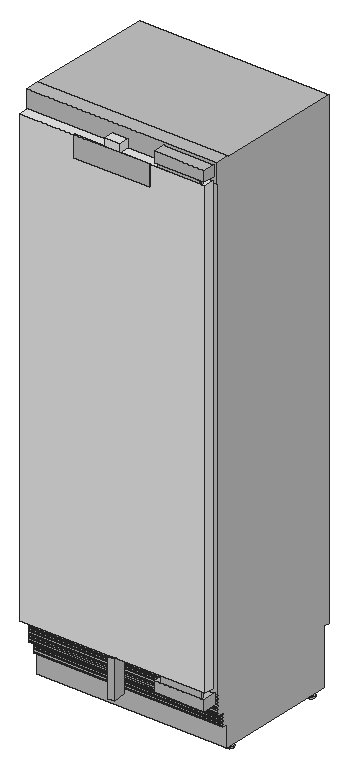
Revit family "FP-Revit20-en-RS3084FRJE1-Freezer-0-CA-US-90001074A", category Specialty Equipment, Revit 2020
Family settings
  Round Connector Dimension = Use Diameter
  Part Type = Normal
  OmniClass Number = 23.40.40.11.11
  OmniClass Title = Refrigerators and Freezers
  Work Plane-Based = No
  Always vertical = Yes
  Cut with Voids When Loaded = Yes
  Shared = No
  Room Calculation Point = No
Parameters (values of type "RS3084FRJE1")
  Visibility - Water Connection = yes
  Visibility - Visibility Control Note = yes
  Visibility - Clearance Required = yes
  URL = "www.fisherpaykel.com"
  Stainless Steel Door Panels (RD3484R4D) = no
  Product - Width = 756 mm  # constant formula
  Product - Height = 2134 mm  # constant formula
  Product - Depth (exl front panel) = 610 mm  # constant formula
  Model = "RS3084FRJE1"
  Material - Rollers and Feet = Fisher & Paykel - Black
  Material - Handle = Fisher & Paykel - Aluminium
  Material - Door Structure = Fisher & Paykel - White
  Material - Door Front = Fisher & Paykel - Stainless Steel
  Material - Connections = Fisher & Paykel - Black
  Material - Body = Fisher & Paykel - Grey
  Manufacturer = "Fisher & Paykel Appliances"
  Handle Style - Professional Square (AHV2-RD84) = no
  Handle Style - Professional Round (AHC-RD84) = no
  Handle Style - Contemporary Square (AHD3-RD84) = no
  Handle Style - Contemporary Round (AHS-RD84) = no
  Description = "30\" Integrated Column Freezer with internal ice maker, stainless steel interior"
  Default Elevation = 0 mm
  Connector Description - Water = "1/4\" (6mm) comp. stainless steel braided hose"
  Connector Description - Electrical = "120 V, 10 amp fused electrical supply"
  Cavity - Width = 762 mm  # constant formula
  Cavity - Height = 2134 mm  # constant formula
  Cavity - Depth = 635 mm  # constant formula
Types (3, lengths in mm): name | Model | Description
  (no name) | "RS3084FRJE1" | "30\" Integrated Column Freezer with internal ice maker, stainless steel interior"
  RS3084FRJE1 | "RS3084FRJE1" | "30\" Integrated Column Freezer with internal ice maker, stainless steel interior"
  RS3084FRJ1 | "RS3084FRJ1" | "30\" Integrated Column Freezer  with internal ice maker, white interior"
Reference planes
  plane 1 "Datum": y = 0
  plane 2: z = 0
  plane 3 "Center (Left/Right)": x = 0
  plane 4 "Product LHS": x = -378
  plane 5 "Product RHS": x = 378
  plane 6 "Product - Depth": y = 610
  plane 7 "Cavity LHS": x = -381
  plane 8 "Cavity RHS": x = 381
  plane 9 "Cavity - Depth": y = 612.9
  plane 10 "Handle Offset": x = -315
  plane 11 "Product Height": z = 2134
  plane 12 "Cavity Height": z = 2134
  plane 13 "Door Panel Datum": y = -4.1
Forms (mm)
  Extrusion 1, solid, material "Fisher & Paykel - Grey" <- "Material - Body", detail levels fine
    sketch origin (0, 0, 0) x (0, 1, 0) y (0, 0, 1)
      loop
        line (100.1, 19.1) -> (587.9, 19.1) -> (587.9, 239.7) -> (610, 239.7) -> (610, 2131.9) -> (105.1, 2131.9) -> (105.1, 2134) -> (49.9, 2134) -> (49.9, 2059) -> (56, 2059) -> (56, 228.6) -> (59.5, 228.6) -> (59.5, 219.7) -> (56.5, 219.7) -> (56.5, 215.9) -> (59.5, 215.9) -> (59.5, 207) -> (56.5, 207) -> (56.5, 203.2) -> (59.5, 203.2) -> (59.5, 194.3) -> (56.5, 194.3) -> (56.5, 190.5) -> (59.5, 190.5) -> (59.5, 181.6) -> (56.5, 181.6) -> (56.5, 177.8) -> (59.5, 177.8) -> (59.5, 168.9) -> (56.5, 168.9) -> (56.5, 165.1) -> (59.5, 165.1) -> (59.5, 156.2) -> (56.5, 156.2) -> (56.5, 152.4) -> (84.1, 152.4) -> (84.1, 143.5) -> (81.1, 143.5) -> (81.1, 139.7) -> (84.1, 139.7) -> (84.1, 130.8) -> (81.1, 130.8) -> (81.1, 127) -> (84.1, 127) -> (84.1, 118.1) -> (81.1, 118.1) -> (81.1, 114.3) -> (84.1, 114.3) -> (84.1, 105.4) -> (81.1, 105.4) -> (81.1, 101.6) -> (100.1, 101.6) -> (100.1, 19.1)
    from -378 to 378
  Extrusion 2, solid, material "Fisher & Paykel - Grey" <- "Material - Body"
    sketch origin (0, 0, 0) x (1, 0, 0) y (0, 1, 0)
      loop
        circle (-357.5, 547.8) r 4.1
      loop
        circle (-357.5, 141.8) r 4.1
      loop
        circle (357.5, 547.8) r 4.1
      loop
        circle (357.5, 141.8) r 4.1
    from 3 to 19.1
  Extrusion 3, solid, material "Fisher & Paykel - Grey" <- "Material - Body"
    sketch origin (0, 0, 0) x (1, 0, 0) y (0, 1, 0)
      loop
        circle (-357.5, 547.8) r 14.5
      loop
        circle (-357.5, 141.8) r 14.555
      loop
        circle (357.5, 547.8) r 14.5
      loop
        circle (357.5, 141.8) r 14.555
    from 0 to 3
  Extrusion 4, solid, material "Fisher & Paykel - Grey" <- "Material - Body", detail levels fine
    sketch origin (0, 0, 0) x (1, 0, 0) y (0, 1, 0)
      loop
        line (-7.5, 49) -> (-13.797, -4.1) -> (13.797, -4.1) -> (7.5, 49) -> (-7.5, 49)
    from 104.2 to 254.2
  Extrusion 5, solid, material "Fisher & Paykel - Grey" <- "Material - Body", detail levels fine
    sketch origin (0, 0, 0) x (0, 1, 0) y (0, 0, 1)
      loop
        line (0, 2070.6) -> (0, 1988.6) -> (2, 1988.6) -> (2, 2068.6) -> (4, 2068.6) -> (4, 2070.6) -> (0, 2070.6)
    from -150 to 150
  Extrusion 6, solid, material "Fisher & Paykel - Grey" <- "Material - Body"
    sketch origin (0, 0, 0) x (1, 0, 0) y (0, 0, 1)
      loop
        circle (303, 119.813) r 5
      loop
        circle (-303, 119.813) r 5
    from -590 to -587.9
  Extrusion 7, solid, material "Fisher & Paykel - White" <- "Material - Door Structure"
    sketch origin (0, 0, 0) x (1, 0, 0) y (0, 1, 0)
      loop
        line (-353, 56) -> (-353, 42) -> (353, 42) -> (353, 56) -> (-353, 56)
    from 269.6 to 2030.7
  Extrusion 8, solid, material "Fisher & Paykel - White" <- "Material - Door Structure"
    sketch origin (0, 0, 0) x (1, 0, 0) y (0, 1, 0)
      loop
        line (-369.4, 42) -> (-369.4, 3) -> (369.4, 3) -> (369.4, 42) -> (-369.4, 42)
    from 254.2 to 2068.6
  Extrusion 9, solid, material "Fisher & Paykel - White" <- "Material - Door Structure", detail levels fine
    sketch origin (0, 0, 0) x (1, 0, 0) y (0, 0, 1)
      loop
        line (-29.5, 2100.1) -> (-29.5, 2068.6) -> (29.5, 2068.6) -> (29.5, 2100.1) -> (-29.5, 2100.1)
    from -42 to -3
  Extrusion 10, solid, material "Fisher & Paykel - Stainless Steel" <- "Material - Door Front", visible <- "Stainless Steel Door Panels (RD3484R4D)"
    sketch origin (0, 0, 0) x (0, 1, 0) y (0, 0, 1)
      loop
        line (-22.1, 2130.8) -> (-22.1, 102) -> (-4.1, 102) -> (-4.1, 2130.8) -> (-22.1, 2130.8)
    from -378 to 378
  Extrusion 11, solid, material "Fisher & Paykel - Grey" <- "Material - Body", detail levels coarse+medium
    sketch origin (0, 0, 0) x (0, 1, 0) y (0, 0, 1)
      loop
        line (49.9, 2134) -> (49.9, 2059) -> (56, 2059) -> (56, 152.4) -> (81.1, 152.4) -> (81.1, 101.6) -> (100.1, 101.6) -> (100.1, 19.1) -> (587.9, 19.1) -> (587.9, 239.7) -> (610, 239.7) -> (610, 2134) -> (49.9, 2134)
    from -378 to 378
  Extrusion 12, solid, material "Fisher & Paykel - Grey" <- "Material - Body", detail levels fine
    sketch origin (0, 0, -4) x (0, 1, 0) y (0, 0, 1)
      loop
        arc (163.888, 23.1) -> (180.4, 13.63) -> (196.912, 23.1) r 19.13
        line (196.912, 23.1) -> (163.888, 23.1)
      loop
        arc (493.888, 23.1) -> (510.4, 13.63) -> (526.912, 23.1) r 19.13
        line (526.912, 23.1) -> (493.888, 23.1)
    from 191 to 219
  Extrusion 13, solid, material "Fisher & Paykel - Grey" <- "Material - Body", detail levels fine
    sketch origin (0, 0, -4) x (0, 1, 0) y (0, 0, -1)
      loop
        line (163.888, -23.1) -> (196.912, -23.1)
        arc (196.912, -23.1) -> (180.4, -13.63) -> (163.888, -23.1) r 19.13
      loop
        line (493.888, -23.1) -> (526.912, -23.1)
        arc (526.912, -23.1) -> (510.4, -13.63) -> (493.888, -23.1) r 19.13
    from 191 to 219
  Extrusion 14, solid, material "Fisher & Paykel - Clearance Required", visible <- "Visibility - Clearance Required", detail levels coarse
    sketch origin (0, 0, 0) x (1, 0, 0) y (0, 1, 0)
      loop
        line (-381, 612.9) -> (-381, -4.1) -> (381, -4.1) -> (381, 612.9) -> (-381, 612.9)
    from 0 to 2134
  Extrusion 15, void
    sketch origin (0, 0, 0) x (1, 0, 0) y (0, 1, 0)
      loop
        line (-381, 612.9) -> (-381, -22.1) -> (381, -22.1) -> (381, 612.9) -> (-381, 612.9)
    from 0 to 2134
  Extrusion 16, solid, material "Fisher & Paykel - Grey" <- "Material - Body", detail levels fine
    sketch origin (73, 0, 0) x (1, 0, 0) y (0, 0, 1)
      loop
        line (118.4, 254.2) -> (118.4, 229.75) -> (282.9, 229.75) -> (282.9, 254.2) -> (118.4, 254.2)
      loop
        line (106, 2081.05) -> (106, 2068.6) -> (282.9, 2068.6) -> (282.9, 2076.05) -> (242.9, 2081.05) -> (106, 2081.05)
    from -7 to -4
  Extrusion 17, solid, material "Fisher & Paykel - Clearance Required", visible <- "Visibility - Clearance Required", detail levels coarse
    sketch origin (0, 0, 0) x (1, 0, 0) y (0, 1, 0)
      loop
        line (-328.5, -22.1) -> (-378, -22.1)
        arc (-378, -22.1) -> (-22.015, -691.951) -> (734.604, -746.289) r 783.517
        line (734.604, -746.289) -> (712.602, -698.95) -> (738.875, -686.699)
        arc (738.875, -686.699) -> (747.815, -662.136) -> (723.252, -653.196) r 18.483
        line (723.252, -653.196) -> (697.006, -665.395) -> (415.915, -60.616)
        arc (415.915, -60.616) -> (380.992, -57.074) -> (378, -22.1) r 27.5
        line (378, -22.1) -> (-328.5, -22.1)
    from 0 to 2134
  Extrusion 18, solid, material "Fisher & Paykel - Grey" <- "Material - Body", detail levels fine
    sketch origin (0, 0, 0) x (1, 0, 0) y (0, 0, 1)
      loop
        line (366.4, 2123.15) -> (168.42, 2123.15) -> (168.42, 2081.05) -> (366.4, 2081.05) -> (366.4, 2123.15)
    from -49 to -2.5
  Extrusion 19, solid, material "Fisher & Paykel - Grey" <- "Material - Body", detail levels fine
    sketch origin (0, 0, 0) x (1, 0, 0) y (0, 0, 1)
      loop
        line (366.4, 187.65) -> (366.4, 229.75) -> (168.42, 229.75) -> (168.42, 187.65) -> (366.4, 187.65)
    from -56 to -2.5
Lines and regions (mm)
  model lines, style "Fisher & Paykel"
    curve 1: line (-378, -4.1, 2130.8) -> (378, -4.1, 2130.8)
    curve 2: line (-378, -4.1, 102) -> (-378, -4.1, 2130.8)
    curve 3: line (378, -4.1, 102) -> (-378, -4.1, 102)
    curve 4: line (378, -4.1, 2130.8) -> (378, -4.1, 102)
Text (mm)
  text "Due to ongoing product development, product details are subject to change without notice. \nPlease always refer to www.fisherpaykel.com for the most current product information. \n© Fisher & Paykel 2020" at (41.04, -848.295, 0), in view "Ref. Level (Plan)"
Dimensions and locks
  equal spacing: plane 4 "Product LHS", plane 3 "Center (Left/Right)", plane 5 "Product RHS"
  "Product - Width": plane 4 "Product LHS" to plane 5 "Product RHS"
  "Product - Depth (exl front panel)": plane 1 "Datum" to plane 6 "Product - Depth"
  equal spacing: plane 7 "Cavity LHS", plane 3 "Center (Left/Right)", plane 8 "Cavity RHS"
  "Cavity - Width": plane 7 "Cavity LHS" to plane 8 "Cavity RHS"
  plane 4 "Product LHS" to Extrusion 2 sketch curve = 24.6 mm
  plane 4 "Product LHS" to plane 10 "Handle Offset" = 63 mm
  Extrusion 6 sketch curve to Extrusion 1 = 119.887 mm  (x2)
  Extrusion 6 sketch curve to plane 5 "Product RHS" = 75 mm
  plane 4 "Product LHS" to Extrusion 6 sketch curve = 75 mm
  Extrusion 1 sketch curve to Extrusion 1 sketch curve = 82.5 mm
  Extrusion 1 sketch curve to Extrusion 1 sketch curve = 209.5 mm
  Extrusion 1 sketch curve to Extrusion 1 sketch curve = 220.6 mm
  Extrusion 3 to level = 3 mm
  Extrusion 11 to Extrusion 8 = 235.1 mm
  Extrusion 11 to Extrusion 7 = 250.5 mm
  Extrusion 11 to Extrusion 11 = 2114.9 mm
  Extrusion 11 to Extrusion 10 = 82.9 mm
  "Product - Height": level to plane 11 "Product Height"
  plane 11 "Product Height" to Extrusion 10 = 3.2 mm
  Extrusion 8 to plane 11 "Product Height" = 65.4 mm
  Extrusion 7 to plane 11 "Product Height" = 103.3 mm
  Extrusion 11 sketch curve to plane 11 "Product Height" = 75 mm
  Extrusion 1 sketch curve to plane 11 "Product Height" = 2.1 mm
  Extrusion 1 sketch curve to plane 11 "Product Height" = 75 mm
  "Cavity - Height": plane 12 "Cavity Height" to level
  plane 1 "Datum" to Extrusion 14 = 612.9 mm
  plane 1 "Datum" to Extrusion 15 = 612.9 mm
  Extrusion 16 sketch curve to Extrusion 16 sketch curve = 40 mm
  Extrusion 16 sketch curve to plane 3 "Center (Left/Right)" = 179 mm
  Extrusion 16 sketch curve to Extrusion 16 sketch curve = 176.9 mm
  Extrusion 16 sketch curve to plane 3 "Center (Left/Right)" = 191.4 mm
  plane 3 "Center (Left/Right)" to Extrusion 16 sketch curve = 355.9 mm
  Extrusion 17 to plane 1 "Datum" = 22.1 mm
  "Cavity - Depth": plane 9 "Cavity - Depth" to Extrusion 17
  radius of Extrusion 6 sketch curve = 5 mm
  aligned and locked: level to plane 2
  aligned and locked: Extrusion 10 to plane 5 "Product RHS"
  aligned and locked: plane 4 "Product LHS" to Extrusion 10
  aligned and locked: Extrusion 11 to plane 5 "Product RHS"
  aligned and locked: Extrusion 11 to plane 4 "Product LHS"
  aligned and locked: Extrusion 11 sketch curve to plane 11 "Product Height"
  aligned and locked: plane 11 "Product Height" to Extrusion 1 sketch curve
  aligned and locked: Extrusion 12 sketch curve to Extrusion 12 sketch curve
  aligned and locked: Extrusion 13 sketch curve to Extrusion 13 sketch curve
  aligned and locked: Extrusion 1 to plane 5 "Product RHS"
  aligned and locked: plane 4 "Product LHS" to Extrusion 1
  aligned and locked: Extrusion 11 sketch curve to Extrusion 1  (x4)
  aligned and locked: Extrusion 2 to Extrusion 1
  aligned and locked: nested 2 to plane 10 "Handle Offset"
  aligned and locked: nested 3 to plane 10 "Handle Offset"
  aligned and locked: nested 4 to plane 10 "Handle Offset"
  aligned and locked: nested 5 to plane 10 "Handle Offset"
Automatic sketch dimensions
  Extrusion 1 sketch curve to plane 6 "Product - Depth" = 0 mm
  Extrusion 1 sketch curve to Extrusion 1 sketch curve = 22.1 mm
  Extrusion 1 sketch curve to plane 1 "Datum" = 105.1 mm
  level to Extrusion 1 sketch curve = 19.1 mm
  Extrusion 1 sketch curve to plane 1 "Datum" = 100.1 mm
  Extrusion 1 sketch curve to Extrusion 1 sketch curve = 16 mm
  Extrusion 1 sketch curve to Extrusion 1 sketch curve = 0 mm  (x8)
  Extrusion 1 sketch curve to Extrusion 1 sketch curve = 3 mm  (x10)
  Extrusion 1 sketch curve to plane 1 "Datum" = 59.5 mm
  Extrusion 1 sketch curve to plane 1 "Datum" = 56 mm
  Extrusion 1 sketch curve to plane 1 "Datum" = 49.9 mm
  Extrusion 1 sketch curve to Extrusion 1 sketch curve = 3.8 mm  (x10)
  Extrusion 1 sketch curve to Extrusion 1 sketch curve = 8.9 mm  (x9)
  Extrusion 2 sketch curve to plane 4 "Product LHS" = 20.5 mm  (x2)
  plane 5 "Product RHS" to Extrusion 2 sketch curve = 20.5 mm  (x2)
  Extrusion 2 sketch curve to plane 1 "Datum" = 141.8 mm  (x2)
  Extrusion 2 sketch curve to plane 6 "Product - Depth" = 62.2 mm  (x2)
  Extrusion 3 sketch curve to plane 4 "Product LHS" = 20.5 mm  (x2)
  plane 5 "Product RHS" to Extrusion 3 sketch curve = 20.5 mm  (x2)
  Extrusion 3 sketch curve to plane 1 "Datum" = 141.8 mm  (x2)
  Extrusion 3 sketch curve to plane 6 "Product - Depth" = 62.2 mm  (x2)
  plane 1 "Datum" to Extrusion 4 sketch curve = 4.1 mm
  Extrusion 4 sketch curve to plane 3 "Center (Left/Right)" = 13.797 mm
  Extrusion 4 sketch curve to plane 3 "Center (Left/Right)" = 7.5 mm
  plane 3 "Center (Left/Right)" to Extrusion 4 sketch curve = 7.5 mm
  plane 3 "Center (Left/Right)" to Extrusion 4 sketch curve = 13.797 mm
  Extrusion 4 sketch curve to plane 1 "Datum" = 49 mm
  Extrusion 5 sketch curve to plane 1 "Datum" = 0 mm
  Extrusion 5 sketch curve to plane 1 "Datum" = 2 mm
  Extrusion 5 sketch curve to Extrusion 5 sketch curve = 2 mm  (x2)
  plane 11 "Product Height" to Extrusion 5 sketch curve = 145.4 mm
  plane 11 "Product Height" to Extrusion 5 sketch curve = 65.4 mm
  Extrusion 7 sketch curve to plane 4 "Product LHS" = 25 mm
  plane 5 "Product RHS" to Extrusion 7 sketch curve = 25 mm
  Extrusion 7 sketch curve to plane 1 "Datum" = 42 mm
  Extrusion 7 sketch curve to Extrusion 7 sketch curve = 14 mm
  Extrusion 8 sketch curve to plane 1 "Datum" = 3 mm
  Extrusion 8 sketch curve to plane 4 "Product LHS" = 8.6 mm
  plane 5 "Product RHS" to Extrusion 8 sketch curve = 8.6 mm
  Extrusion 8 sketch curve to Extrusion 8 sketch curve = 39 mm
  Extrusion 9 sketch curve to plane 3 "Center (Left/Right)" = 29.5 mm
  plane 3 "Center (Left/Right)" to Extrusion 9 sketch curve = 29.5 mm
  plane 11 "Product Height" to Extrusion 9 sketch curve = 65.4 mm
  Extrusion 9 sketch curve to Extrusion 9 sketch curve = 31.5 mm
  plane 1 "Datum" to Extrusion 10 sketch curve = 22.1 mm
  plane 1 "Datum" to Extrusion 10 sketch curve = 4.1 mm
  level to Extrusion 10 sketch curve = 102 mm
  plane 11 "Product Height" to Extrusion 10 sketch curve = 3.2 mm
  Extrusion 11 sketch curve to plane 6 "Product - Depth" = 0 mm
  Extrusion 11 sketch curve to plane 6 "Product - Depth" = 22.1 mm
  Extrusion 11 sketch curve to plane 1 "Datum" = 100.1 mm
  Extrusion 11 sketch curve to Extrusion 11 sketch curve = 19 mm
  Extrusion 11 sketch curve to plane 1 "Datum" = 56 mm
  Extrusion 11 sketch curve to plane 1 "Datum" = 49.9 mm
  Extrusion 11 sketch curve to Extrusion 11 sketch curve = 50.8 mm
  level to Extrusion 12 sketch curve = 19.1 mm
  Extrusion 12 sketch curve to plane 1 "Datum" = 163.888 mm
  Extrusion 12 sketch curve to Extrusion 12 sketch curve = 16.512 mm  (x2)
  Extrusion 12 sketch curve to plane 6 "Product - Depth" = 116.112 mm
  Extrusion 12 sketch curve to Extrusion 12 sketch curve = 9.66 mm  (x2)
  level to Extrusion 13 sketch curve = 19.1 mm
  Extrusion 13 sketch curve to plane 1 "Datum" = 163.888 mm
  Extrusion 13 sketch curve to Extrusion 13 sketch curve = 16.512 mm  (x2)
  Extrusion 13 sketch curve to plane 6 "Product - Depth" = 116.112 mm
  Extrusion 13 sketch curve to Extrusion 13 sketch curve = 9.66 mm  (x2)
  Extrusion 14 sketch curve to plane 7 "Cavity LHS" = 0 mm
  Extrusion 14 sketch curve to plane 8 "Cavity RHS" = 0 mm
  Extrusion 14 sketch curve to plane 9 "Cavity - Depth" = 0 mm
  plane 1 "Datum" to Extrusion 14 sketch curve = 4.1 mm
  Extrusion 15 sketch curve to plane 7 "Cavity LHS" = 0 mm
  Extrusion 15 sketch curve to plane 8 "Cavity RHS" = 0 mm
  Extrusion 15 sketch curve to plane 9 "Cavity - Depth" = 0 mm
  plane 1 "Datum" to Extrusion 15 sketch curve = 22.1 mm
  level to Extrusion 16 sketch curve = 229.75 mm
  Extrusion 16 sketch curve to Extrusion 16 sketch curve = 24.45 mm
  plane 11 "Product Height" to Extrusion 16 sketch curve = 65.4 mm
  Extrusion 16 sketch curve to Extrusion 16 sketch curve = 7.45 mm
  Extrusion 16 sketch curve to Extrusion 16 sketch curve = 5 mm
  Extrusion 17 sketch curve to plane 4 "Product LHS" = 0 mm
  plane 10 "Handle Offset" to Extrusion 17 sketch curve = 13.5 mm
  plane 5 "Product RHS" to Extrusion 17 sketch curve = 0 mm
  Extrusion 17 sketch curve to plane 8 "Cavity RHS" = 19.59 mm
  Extrusion 17 sketch curve to Extrusion 17 sketch curve = 4.816 mm
  Extrusion 17 sketch curve to Extrusion 17 sketch curve = 10.509 mm
  Extrusion 17 sketch curve to plane 8 "Cavity RHS" = 316.006 mm
  Extrusion 17 sketch curve to Extrusion 17 sketch curve = 15.596 mm
  Extrusion 17 sketch curve to Extrusion 17 sketch curve = 26.246 mm
  Extrusion 17 sketch curve to Extrusion 17 sketch curve = 7.811 mm  (x2)
  Extrusion 17 sketch curve to Extrusion 17 sketch curve = 22.003 mm
  plane 1 "Datum" to Extrusion 17 sketch curve = 746.289 mm
  Extrusion 17 sketch curve to Extrusion 17 sketch curve = 47.339 mm
  Extrusion 17 sketch curve to Extrusion 17 sketch curve = 12.251 mm
  Extrusion 17 sketch curve to Extrusion 17 sketch curve = 16.751 mm
  Extrusion 17 sketch curve to Extrusion 17 sketch curve = 12.199 mm
  Extrusion 17 sketch curve to Extrusion 17 sketch curve = 22.833 mm
  plane 11 "Product Height" to Extrusion 18 sketch curve = 10.85 mm
  plane 3 "Center (Left/Right)" to Extrusion 18 sketch curve = 168.42 mm
  plane 5 "Product RHS" to Extrusion 18 sketch curve = 11.6 mm
  Extrusion 18 sketch curve to Extrusion 18 sketch curve = 42.1 mm
  plane 3 "Center (Left/Right)" to Extrusion 19 sketch curve = 168.42 mm
  plane 5 "Product RHS" to Extrusion 19 sketch curve = 11.6 mm
  level to Extrusion 19 sketch curve = 187.65 mm
  Extrusion 19 sketch curve to Extrusion 19 sketch curve = 42.1 mm
  plane 5 "Product RHS" to curve 1 = 0 mm
  plane 4 "Product LHS" to curve 3 = 0 mm
  level to curve 3 = 102 mm
  plane 11 "Product Height" to curve 2 = 3.2 mm
  radius of Extrusion 2 sketch curve = 4.1 mm  (x3)
  radius of Extrusion 3 sketch curve = 14.5 mm  (x2)
  radius of Extrusion 3 sketch curve = 14.555 mm  (x2)
  radius of Extrusion 6 sketch curve = 5 mm
Nested families
  nested 1: "Visibility Control Note 18" at (0, 0, 0), visible <- "Visibility - Visibility Control Note", type "Visibility Control Note 18"
  nested 2: "Handle Contemporary Round - Vertical" at (-315, -22.1, 1242.58), visible <- "Handle Style - Contemporary Round (AHS-RD84)", type "AHS-RD84 - Contemporary round handle (Vertical) 852mm"
  nested 3: "Handle Contemporary Square - Vertical" at (-315, -22.1, 1242.58), visible <- "Handle Style - Contemporary Square (AHD3-RD84)", type "AHD3-RD84 - Contemporary square handle (Vertical) 852mm"
  nested 4: "Handle Professional Round - Vertical" at (-315, -22.1, 1242.58), visible <- "Handle Style - Professional Round (AHC-RD84)", type "AHC-RD84 - Professional round handle (Vertical) 786mm"
  nested 5: "Handle Professional Square - Vertical" at (-315, -22.1, 1242.58), visible <- "Handle Style - Professional Square (AHV2-RD84)", type "AHV2-RD84 - Professional square handle (Vertical) 792mm"
Connectors
  electrical at (-303, 590, 119.813), driven by "Connector Description - Electrical"
    settings: on Extrusion 6, index 1, voltage 120 V, apparent load 0 VA, apparent load phase1 0 VA, apparent load phase2 0 VA, apparent load phase3 0 VA, power factor 1, load classification "Other", number of poles 1, system type 30, power factor state 1, is connector primary yes, connector utility no, sub classification motor no, connector description "120 V, 10 amp fused electrical supply"
  piping at (303, 590, 119.813), diameter 12.7, driven by "Visibility - Water Connection", driven by "Connector Description - Water"
    settings: on Extrusion 6, index 2, connector inside diameter 609.6 mm, connector length 0 mm, flow factor 0, pipe flow 0.0 L/s, pressure drop 0.0 Pa, fitting loss kfactor 0, connector angle 0.00°, fixture units 0, engagement length 0 mm, angle of deflection 0.00°, flow configuration 0, flow direction 1, fitting loss method 0, system type 20, joint type 0, gender type 0, connector reference index -1, connector utility 1, adjustable connector no, is connector primary yes, connector description "1/4\" (6mm) comp. stainless steel braided hose"
Definition of nested family "Handle Contemporary Round - Vertical"
  Parameters (values of type "AHSRS80A - Contemporary round handle (1 of 2) (Vertical) 727mm")
    URL = "www.fisherpaykel.com"
    Material - Handle = none
    Manufacturer = "Fisher & Paykel Appliances"
    Handle - Length = 727 mm
    Default Elevation = 0 mm
  Types (6, lengths in mm): name | Handle - Length
    AHS-RD21 - Contemporary round handle (Vertical) 852mm | 852
    AHSRD2484W - Contemporary round handle (1 of 2) (Vertical) 727mm | 727
    AHSRD3084W - Contemporary round handle (1 of 2) (Vertical) 727mm | 727
    AHS-RD84 - Contemporary round handle (Vertical) 852mm | 852
    AHSRS3272A - Contemporary round handle (1 of 2) (Vertical) 727mm | 727
    AHSRS80A - Contemporary round handle (1 of 2) (Vertical) 727mm | 727
  Reference planes
    plane 1 "Center (Front/Back)": y = 0
    plane 2: z = 0
    plane 3 "Center (Left/Right)": x = 0
    plane 4 "Top": z = 363.5
    plane 5 "Bottom": z = -363.5
    plane 6 "Top Standoff": z = 243.5
    plane 7 "Bottom Standoff": z = -243.5
  Forms (mm)
    Extrusion 1, solid, material <- "Material - Handle"
      sketch origin (0, 0, 0) x (1, 0, 0) y (0, 1, 0)
        loop
          circle (0, -32.3) r 8.7
      from -243.5 to 243.5
    Extrusion 2, solid, material <- "Material - Handle", detail levels fine
      sketch origin (0, 0, 0) x (1, 0, 0) y (0, 1, 0)
        loop
          line (-8.7, 0) -> (-8.7, -32.3)
          arc (-8.7, -32.3) -> (0, -41) -> (8.7, -32.3) r 8.7
          line (8.7, -32.3) -> (8.7, 0) -> (-8.7, 0)
      from 243.5 to 363.5
    Extrusion 3, solid, material <- "Material - Handle", detail levels fine
      sketch origin (0, 0, 0) x (1, 0, 0) y (0, 1, 0)
        loop
          line (-8.7, 0) -> (-8.7, -32.3)
          arc (-8.7, -32.3) -> (0, -41) -> (8.7, -32.3) r 8.7
          line (8.7, -32.3) -> (8.7, 0) -> (-8.7, 0)
      from -363.5 to -243.5
    Sweep 4, void
      path in 3D
        loop
          line (8.7, 0, -363.5) -> (8.7, -32.3, -363.5)
          arc (8.7, -32.3, -363.5) -> (0, -41, -363.5) -> (-8.7, -32.3, -363.5) r 8.7
          line (-8.7, -32.3, -363.5) -> (-8.7, 0, -363.5)
      profile origin (8.7, -16.15, -363.5) x (-1, 0, 0) y (0, 0, -1)
        loop
          line (0, 0) -> (0, -1) -> (1, 0) -> (0, 0)
    Sweep 5, void
      path in 3D
        loop
          line (-8.7, 0, 363.5) -> (-8.7, -32.3, 363.5)
          arc (-8.7, -32.3, 363.5) -> (0, -41, 363.5) -> (8.7, -32.3, 363.5) r 8.7
          line (8.7, -32.3, 363.5) -> (8.7, 0, 363.5)
      profile origin (8.7, -16.15, 363.5) x (-1, 0, 0) y (0, 0, 1)
        loop
          line (0, 0) -> (0, -1) -> (1, 0) -> (0, 0)
    Extrusion 6, solid, material <- "Material - Handle", detail levels coarse+medium
      sketch origin (0, 0, 0) x (1, 0, 0) y (0, 1, 0)
        loop
          line (-8.7, 0) -> (-8.7, -32.3)
          arc (-8.7, -32.3) -> (0, -41) -> (8.7, -32.3) r 8.7
          line (8.7, -32.3) -> (8.7, 0) -> (-8.7, 0)
      from 243.5 to 363.5
    Extrusion 7, solid, material <- "Material - Handle", detail levels coarse+medium
      sketch origin (0, 0, 0) x (1, 0, 0) y (0, 1, 0)
        loop
          line (-8.7, 0) -> (-8.7, -32.3)
          arc (-8.7, -32.3) -> (0, -41) -> (8.7, -32.3) r 8.7
          line (8.7, -32.3) -> (8.7, 0) -> (-8.7, 0)
      from -363.5 to -243.5
  Cuts and joins
    Sweep 4 cuts Extrusion 3
    Sweep 5 cuts Extrusion 2
  Lines and regions (mm)
    sketch lines
      curve 1: line (8.7, 0, -363.5) -> (8.7, -32.3, -363.5)
      curve 2: arc (-8.7, -32.3, -363.5) -> (0, -41, -363.5) -> (8.7, -32.3, -363.5) r 8.7
      curve 3: line (-8.7, -32.3, -363.5) -> (-8.7, 0, -363.5)
      curve 4: line (8.7, -32.3, 363.5) -> (8.7, 0, 363.5)
      curve 5: arc (8.7, -32.3, 363.5) -> (0, -41, 363.5) -> (-8.7, -32.3, 363.5) r 8.7
      curve 6: line (-8.7, 0, 363.5) -> (-8.7, -32.3, 363.5)
  Dimensions and locks
    equal spacing: plane 4 "Top", level, plane 5 "Bottom"
    "Handle - Length": plane 4 "Top" to plane 5 "Bottom"
    locked: plane 4 "Top" to plane 6 "Top Standoff" at 120
    locked: plane 7 "Bottom Standoff" to plane 5 "Bottom" at 120
    Extrusion 2 sketch curve to Extrusion 2 sketch curve = 17.4 mm
    Extrusion 3 sketch curve to Extrusion 3 sketch curve = 17.4 mm
    Extrusion 6 sketch curve to Extrusion 6 sketch curve = 17.4 mm
    Extrusion 7 sketch curve to Extrusion 7 sketch curve = 17.4 mm
    aligned and locked: level to plane 2
    aligned and locked: plane 4 "Top" to Extrusion 2
    aligned and locked: Extrusion 3 to plane 5 "Bottom"
    aligned and locked: plane 7 "Bottom Standoff" to Extrusion 3
    aligned and locked: Extrusion 1 to plane 7 "Bottom Standoff"
    aligned and locked: plane 6 "Top Standoff" to Extrusion 1
    aligned and locked: Extrusion 2 to Extrusion 1
    aligned and locked: Extrusion 6 to Extrusion 1
    aligned and locked: plane 4 "Top" to Extrusion 6
    aligned and locked: Extrusion 7 to Extrusion 1
    aligned and locked: Extrusion 7 to plane 5 "Bottom"
  Automatic sketch dimensions
    Extrusion 1 sketch curve to plane 3 "Center (Left/Right)" = 0 mm
    plane 1 "Center (Front/Back)" to Extrusion 1 sketch curve = 32.3 mm
    plane 1 "Center (Front/Back)" to Extrusion 2 sketch curve = 0 mm
    Extrusion 2 sketch curve to plane 3 "Center (Left/Right)" = 0 mm
    Extrusion 2 sketch curve to plane 3 "Center (Left/Right)" = 8.7 mm
    plane 1 "Center (Front/Back)" to Extrusion 2 sketch curve = 32.3 mm
    plane 1 "Center (Front/Back)" to Extrusion 3 sketch curve = 0 mm
    Extrusion 3 sketch curve to plane 3 "Center (Left/Right)" = 0 mm
    Extrusion 3 sketch curve to plane 3 "Center (Left/Right)" = 8.7 mm
    plane 1 "Center (Front/Back)" to Extrusion 3 sketch curve = 32.3 mm
    Sweep 4 sketch curve to profile plane = 0 mm  (x2)
    Sweep 4 sketch curve to profile plane = 1 mm  (x2)
    Sweep 5 sketch curve to profile plane = 0 mm  (x2)
    Sweep 5 sketch curve to profile plane = 1 mm  (x2)
    Extrusion 6 sketch curve to plane 3 "Center (Left/Right)" = 0 mm
    Extrusion 6 sketch curve to plane 3 "Center (Left/Right)" = 8.7 mm
    plane 1 "Center (Front/Back)" to Extrusion 6 sketch curve = 32.3 mm
    Extrusion 6 sketch curve to Extrusion 6 sketch curve = 32.3 mm
    Extrusion 7 sketch curve to plane 3 "Center (Left/Right)" = 0 mm
    Extrusion 7 sketch curve to plane 3 "Center (Left/Right)" = 8.7 mm
    plane 1 "Center (Front/Back)" to Extrusion 7 sketch curve = 32.3 mm
    Extrusion 7 sketch curve to Extrusion 7 sketch curve = 32.3 mm
    radius of Extrusion 1 sketch curve = 8.7 mm
Definition of nested family "Handle Contemporary Square - Vertical"
  Parameters (values of type "AHD3RS80A - Contemporary square handle (1 of 2) (Vertical) 727mm")
    URL = "www.fisherpaykel.com"
    Material - Handle = none
    Manufacturer = "Fisher & Paykel Appliances"
    Handle - Length = 727 mm
    Default Elevation = 0 mm
  Types (7, lengths in mm): name | Handle - Length
    (no name) | 727
    AHD3-RD21 - Contemporary square handle (Vertical) 852mm | 852
    AHD3RD2484W - Contemporary square handle (1 of 2) (Vertical) 727mm | 727
    AHD3RD3084W - Contemporary square handle (1 of 2) (Vertical) 727mm | 727
    AHD3-RD84 - Contemporary square handle (Vertical) 852mm | 852
    AHD3RS3272A - Contemporary square handle (1 of 2) (Vertical) 727mm | 727
    AHD3RS80A - Contemporary square handle (1 of 2) (Vertical) 727mm | 727
  Reference planes
    plane 1 "Center (Front/Back)": y = 0
    plane 2: z = 0
    plane 3 "Center (Left/Right)": x = 0
    plane 4 "Top": z = 363.5
    plane 5 "Bottom": z = -363.5
    plane 6 "Top Standoff": z = 243.5
    plane 7 "Bottom Standoff": z = -243.5
  Forms (mm)
    Extrusion 1, solid, material <- "Material - Handle", detail levels fine
      sketch origin (0, 0, 0) x (1, 0, 0) y (0, 1, 0)
        loop
          arc (-7.583, -28.701) -> (-7.89, -29.057) -> (-8, -29.514) r 1
          line (-8, -29.514) -> (-8, -40.5)
          arc (-8, -40.5) -> (-7.561, -41.561) -> (-6.5, -42) r 1.5
          line (-6.5, -42) -> (6.5, -42)
          arc (6.5, -42) -> (7.561, -41.561) -> (8, -40.5) r 1.5
          line (8, -40.5) -> (8, -29.487)
          arc (8, -29.487) -> (7.889, -29.029) -> (7.58, -28.673) r 1
          arc (7.58, -28.673) -> (-0.006, -26.256) -> (-7.583, -28.701) r 13.038
      from -363.5 to 363.5
    Extrusion 2, solid, material <- "Material - Handle", detail levels fine
      sketch origin (0, 0, 0) x (1, 0, 0) y (0, 1, 0)
        loop
          arc (7.058, -28.23) -> (7.466, -28.244) -> (7.674, -27.893) r 0.4
          line (7.674, -27.893) -> (7.674, 0) -> (-7.674, 0) -> (-7.674, -27.86)
          arc (-7.674, -27.86) -> (-7.467, -28.21) -> (-7.06, -28.198) r 0.4
          arc (-7.06, -28.198) -> (0.004, -26.156) -> (7.058, -28.23) r 13.136
      from 243.5 to 363.5
    Extrusion 3, solid, material <- "Material - Handle", detail levels fine
      sketch origin (0, 0, 0) x (1, 0, 0) y (0, 1, 0)
        loop
          arc (7.058, -28.23) -> (7.466, -28.244) -> (7.674, -27.893) r 0.4
          line (7.674, -27.893) -> (7.674, 0) -> (-7.674, 0) -> (-7.674, -27.86)
          arc (-7.674, -27.86) -> (-7.467, -28.21) -> (-7.06, -28.198) r 0.4
          arc (-7.06, -28.198) -> (0.004, -26.156) -> (7.058, -28.23) r 13.136
      from -363.5 to -243.5
    Sweep 4, void
      path in 3D
        loop
          line (-8, -29.514, 363.5) -> (-8, -40.5, 363.5)
          arc (-8, -40.5, 363.5) -> (-7.561, -41.561, 363.5) -> (-6.5, -42, 363.5) r 1.5
          line (-6.5, -42, 363.5) -> (6.5, -42, 363.5)
          arc (6.5, -42, 363.5) -> (7.561, -41.561, 363.5) -> (8, -40.5, 363.5) r 1.5
          line (8, -40.5, 363.5) -> (8, -29.487, 363.5)
      profile origin (8, -34.994, 363.5) x (-1, 0, 0) y (0, 0, 1)
        loop
          line (0, 0) -> (0, -1.3) -> (1.3, 0) -> (0, 0)
    Sweep 5, void
      path in 3D
        loop
          line (8, -29.487, -363.5) -> (8, -40.5, -363.5)
          arc (8, -40.5, -363.5) -> (7.561, -41.561, -363.5) -> (6.5, -42, -363.5) r 1.5
          line (6.5, -42, -363.5) -> (-6.5, -42, -363.5)
          arc (-6.5, -42, -363.5) -> (-7.561, -41.561, -363.5) -> (-8, -40.5, -363.5) r 1.5
          line (-8, -40.5, -363.5) -> (-8, -29.514, -363.5)
      profile origin (8, -34.994, -363.5) x (-1, 0, 0) y (0, 0, -1)
        loop
          line (0, 0) -> (0, -1.3) -> (1.3, 0) -> (0, 0)
    Extrusion 6, void
      sketch origin (0, 0, 0) x (1, 0, 0) y (0, 0, 1)
        loop
          line (-8, -362.2) -> (-8, -363.5) -> (-6.7, -363.5) -> (-8, -362.2)
        loop
          line (8, -362.2) -> (6.7, -363.5) -> (8, -363.5) -> (8, -362.2)
      from 0 to 40
    Extrusion 7, void
      sketch origin (0, 0, 0) x (1, 0, 0) y (0, 0, 1)
        loop
          line (-8, 363.5) -> (-8, 362.2) -> (-6.7, 363.5) -> (-8, 363.5)
        loop
          line (8, 363.5) -> (6.7, 363.5) -> (8, 362.2) -> (8, 363.5)
      from 0 to 40
    Extrusion 8, solid, material <- "Material - Handle", detail levels coarse+medium
      sketch origin (0, 0, 0) x (0, 1, 0) y (0, 0, 1)
        loop
          line (0, 363.5) -> (-42, 363.5) -> (-42, -363.5) -> (0, -363.5) -> (0, -243.5) -> (-26.245, -243.5) -> (-26.245, 243.5) -> (0, 243.5) -> (0, 363.5)
      from -8 to 8
  Cuts and joins
    Sweep 4, Sweep 5, Extrusion 6, Extrusion 7 cuts Extrusion 1
    Extrusion 6 cuts Extrusion 3
    Extrusion 7 cuts Extrusion 2
  Lines and regions (mm)
    sketch lines
      curve 1: line (8, -40.5, 363.5) -> (8, -29.487, 363.5)
      curve 2: arc (8, -40.5, 363.5) -> (7.561, -41.561, 363.5) -> (6.5, -42, 363.5) r 1.5
      curve 3: line (-6.5, -42, 363.5) -> (6.5, -42, 363.5)
      curve 4: arc (-6.5, -42, 363.5) -> (-7.561, -41.561, 363.5) -> (-8, -40.5, 363.5) r 1.5
      curve 5: line (-8, -29.514, 363.5) -> (-8, -40.5, 363.5)
      curve 6: line (8, -29.487, -363.5) -> (8, -40.5, -363.5)
      curve 7: arc (6.5, -42, -363.5) -> (7.561, -41.561, -363.5) -> (8, -40.5, -363.5) r 1.5
      curve 8: line (6.5, -42, -363.5) -> (-6.5, -42, -363.5)
      curve 9: arc (-8, -40.5, -363.5) -> (-7.561, -41.561, -363.5) -> (-6.5, -42, -363.5) r 1.5
      curve 10: line (-8, -40.5, -363.5) -> (-8, -29.514, -363.5)
  Dimensions and locks
    equal spacing: plane 4 "Top", level, plane 5 "Bottom"
    "Handle - Length": plane 4 "Top" to plane 5 "Bottom"
    locked: plane 4 "Top" to plane 6 "Top Standoff" at 120
    locked: plane 7 "Bottom Standoff" to plane 5 "Bottom" at 120
    aligned and locked: level to plane 2
    aligned and locked: plane 4 "Top" to Extrusion 2
    aligned and locked: Extrusion 2 to plane 6 "Top Standoff"
    aligned and locked: plane 4 "Top" to Extrusion 1
    aligned and locked: Extrusion 1 to plane 5 "Bottom"
    aligned and locked: Extrusion 3 to plane 5 "Bottom"
    aligned and locked: plane 7 "Bottom Standoff" to Extrusion 3
    aligned and locked: plane 4 "Top" to Extrusion 8 sketch curve
    aligned and locked: plane 6 "Top Standoff" to Extrusion 8 sketch curve
    aligned and locked: plane 7 "Bottom Standoff" to Extrusion 8 sketch curve
    aligned and locked: plane 5 "Bottom" to Extrusion 8 sketch curve
    aligned and locked: plane 1 "Center (Front/Back)" to Extrusion 8 sketch curve  (x2)
  Automatic sketch dimensions
    Extrusion 1 sketch curve to plane 3 "Center (Left/Right)" = 8 mm
    Extrusion 1 sketch curve to Extrusion 1 sketch curve = 1 mm  (x2)
    Extrusion 1 sketch curve to Extrusion 1 sketch curve = 1.5 mm
    plane 3 "Center (Left/Right)" to Extrusion 1 sketch curve = 0.018 mm
    plane 3 "Center (Left/Right)" to Extrusion 1 sketch curve = 6.5 mm
    plane 3 "Center (Left/Right)" to Extrusion 1 sketch curve = 7 mm
    plane 1 "Center (Front/Back)" to Extrusion 1 sketch curve = 42 mm
    Extrusion 1 sketch curve to Extrusion 1 sketch curve = 1.206 mm
    Extrusion 1 sketch curve to Extrusion 1 sketch curve = 10.986 mm
    Extrusion 1 sketch curve to Extrusion 1 sketch curve = 11.013 mm
    Extrusion 1 sketch curve to Extrusion 1 sketch curve = 0 mm
    plane 1 "Center (Front/Back)" to Extrusion 2 sketch curve = 0 mm
    Extrusion 2 sketch curve to plane 3 "Center (Left/Right)" = 7.674 mm
    Extrusion 2 sketch curve to Extrusion 2 sketch curve = 0.4 mm  (x2)
    Extrusion 2 sketch curve to plane 3 "Center (Left/Right)" = 0.026 mm
    plane 3 "Center (Left/Right)" to Extrusion 2 sketch curve = 7.274 mm
    plane 1 "Center (Front/Back)" to Extrusion 2 sketch curve = 27.86 mm
    Extrusion 2 sketch curve to Extrusion 2 sketch curve = 0.033 mm
    Extrusion 2 sketch curve to Extrusion 2 sketch curve = 11.398 mm
    Extrusion 2 sketch curve to Extrusion 2 sketch curve = 0 mm
    plane 1 "Center (Front/Back)" to Extrusion 3 sketch curve = 0 mm
    Extrusion 3 sketch curve to Extrusion 3 sketch curve = 0.4 mm  (x2)
    Extrusion 3 sketch curve to Extrusion 3 sketch curve = 7.248 mm
    Extrusion 3 sketch curve to Extrusion 3 sketch curve = 7.3 mm
    plane 1 "Center (Front/Back)" to Extrusion 3 sketch curve = 27.86 mm
    Extrusion 3 sketch curve to Extrusion 3 sketch curve = 0.033 mm
    Extrusion 3 sketch curve to Extrusion 3 sketch curve = 11.398 mm
    Extrusion 3 sketch curve to Extrusion 3 sketch curve = 0 mm
    Sweep 4 sketch curve to profile plane = 0 mm  (x2)
    Sweep 4 sketch curve to profile plane = 1.3 mm  (x2)
    Sweep 5 sketch curve to profile plane = 0 mm  (x2)
    Sweep 5 sketch curve to profile plane = 1.3 mm  (x2)
    Extrusion 6 sketch curve to plane 5 "Bottom" = 0 mm  (x2)
    plane 5 "Bottom" to Extrusion 6 sketch curve = 1.3 mm  (x2)
    Extrusion 6 sketch curve to plane 3 "Center (Left/Right)" = 8 mm
    Extrusion 6 sketch curve to Extrusion 6 sketch curve = 1.3 mm  (x2)
    plane 3 "Center (Left/Right)" to Extrusion 6 sketch curve = 8 mm
    Extrusion 7 sketch curve to plane 4 "Top" = 0 mm  (x2)
    Extrusion 7 sketch curve to plane 3 "Center (Left/Right)" = 8 mm
    Extrusion 7 sketch curve to Extrusion 7 sketch curve = 1.3 mm  (x2)
    plane 3 "Center (Left/Right)" to Extrusion 7 sketch curve = 8 mm
    Extrusion 7 sketch curve to plane 4 "Top" = 1.3 mm  (x2)
    plane 1 "Center (Front/Back)" to Extrusion 8 sketch curve = 26.245 mm
    plane 1 "Center (Front/Back)" to Extrusion 8 sketch curve = 42 mm
    Extrusion 3 sketch curve to plane 3 "Center (Left/Right)" = 7.674 mm
Definition of nested family "Handle Professional Round - Vertical"
  Parameters (values of type "AHCRD2484W - Professional round handle (1 of 2) (Vertical) 661mm")
    URL = "www.fisherpaykel.com"
    Material - Standoff = none
    Material - Handle = none
    Manufacturer = "Fisher & Paykel Appliances"
    Handle - Length = 661 mm
    Default Elevation = 0 mm
  Types (5, lengths in mm): name | Handle - Length
    (no name) | 661
    AHCRD2484W - Professional round handle (1 of 2) (Vertical) 661mm | 661
    AHCRD3084W - Professional round handle (1 of 2) (Vertical) 661mm | 661
    AHC-RD84 - Professional round handle (Vertical) 786mm | 786
    AHCRS3272A - Professional round handle (1 of 2) (Vertical) 661mm | 661
  Reference planes
    plane 1 "Center (Front/Back)": y = 0
    plane 2: z = 0
    plane 3 "Center (Left/Right)": x = 0
    plane 4 "Top": z = 330.5
    plane 5 "Bottom": z = -330.5
    plane 6 "Top Standoff": z = 286.5
    plane 7 "Bottom Standoff": z = -286.5
  Forms (mm)
    Extrusion 1, solid, material <- "Material - Standoff", detail levels fine
      sketch origin (0, 0, 0) x (1, 0, 0) y (0, 1, 0)
        loop
          line (-18.5, 0) -> (-18.5, -39.4)
          arc (-18.5, -39.4) -> (0, -57.9) -> (18.5, -39.4) r 18.5
          line (18.5, -39.4) -> (18.5, 0) -> (-18.5, 0)
      from 286.5 to 330.5
    Extrusion 2, solid, material <- "Material - Standoff", detail levels fine
      sketch origin (0, 0, 0) x (1, 0, 0) y (0, 1, 0)
        loop
          line (-18.5, 0) -> (-18.5, -39.4)
          arc (-18.5, -39.4) -> (0, -57.9) -> (18.5, -39.4) r 18.5
          line (18.5, -39.4) -> (18.5, 0) -> (-18.5, 0)
      from -330.5 to -286.5
    Extrusion 3, solid, material <- "Material - Handle"
      sketch origin (0, 0, 0) x (1, 0, 0) y (0, 1, 0)
        loop
          circle (0, -39.4) r 12.7
      from -286.5 to 286.5
    Sweep 4, void
      path in 3D
        loop
          line (-18.5, 0, 330.5) -> (-18.5, -39.4, 330.5)
          arc (-18.5, -39.4, 330.5) -> (0, -57.9, 330.5) -> (18.5, -39.4, 330.5) r 18.5
          line (18.5, -39.4, 330.5) -> (18.5, 0, 330.5)
      profile origin (18.5, -19.7, 330.5) x (-1, 0, 0) y (0, 0, 1)
        loop
          line (0, 0) -> (0, -3) -> (3, 0) -> (0, 0)
    Sweep 5, void
      path in 3D
        loop
          line (18.5, 0, -330.5) -> (18.5, -39.4, -330.5)
          arc (18.5, -39.4, -330.5) -> (0, -57.9, -330.5) -> (-18.5, -39.4, -330.5) r 18.5
          line (-18.5, -39.4, -330.5) -> (-18.5, 0, -330.5)
      profile origin (18.5, -19.7, -330.5) x (-1, 0, 0) y (0, 0, -1)
        loop
          line (0, 0) -> (0, -3) -> (3, 0) -> (0, 0)
    Extrusion 6, solid, material <- "Material - Standoff", detail levels coarse+medium
      sketch origin (0, 0, 0) x (1, 0, 0) y (0, 1, 0)
        loop
          line (-18.5, 0) -> (-18.5, -39.4)
          arc (-18.5, -39.4) -> (0, -57.9) -> (18.5, -39.4) r 18.5
          line (18.5, -39.4) -> (18.5, 0) -> (-18.5, 0)
      from 286.5 to 330.5
    Extrusion 7, solid, material <- "Material - Standoff", detail levels coarse+medium
      sketch origin (0, 0, 0) x (1, 0, 0) y (0, 1, 0)
        loop
          line (-18.5, 0) -> (-18.5, -39.4)
          arc (-18.5, -39.4) -> (0, -57.9) -> (18.5, -39.4) r 18.5
          line (18.5, -39.4) -> (18.5, 0) -> (-18.5, 0)
      from -330.5 to -286.5
  Cuts and joins
    Sweep 4 cuts Extrusion 1
    Sweep 5 cuts Extrusion 2
  Lines and regions (mm)
    sketch lines
      curve 1: line (18.5, -39.4, 330.5) -> (18.5, 0, 330.5)
      curve 2: arc (18.5, -39.4, 330.5) -> (0, -57.9, 330.5) -> (-18.5, -39.4, 330.5) r 18.5
      curve 3: line (-18.5, 0, 330.5) -> (-18.5, -39.4, 330.5)
      curve 4: line (18.5, 0, -330.5) -> (18.5, -39.4, -330.5)
      curve 5: arc (-18.5, -39.4, -330.5) -> (0, -57.9, -330.5) -> (18.5, -39.4, -330.5) r 18.5
      curve 6: line (-18.5, -39.4, -330.5) -> (-18.5, 0, -330.5)
  Dimensions and locks
    equal spacing: plane 4 "Top", level, plane 5 "Bottom"
    "Handle - Length": plane 4 "Top" to plane 5 "Bottom"
    plane 4 "Top" to plane 6 "Top Standoff" = 44 mm
    plane 7 "Bottom Standoff" to plane 5 "Bottom" = 44 mm
    aligned and locked: level to plane 2
    aligned and locked: plane 4 "Top" to Extrusion 1
    aligned and locked: Extrusion 1 to plane 6 "Top Standoff"
    aligned and locked: Extrusion 2 to plane 5 "Bottom"
    aligned and locked: plane 7 "Bottom Standoff" to Extrusion 2
    aligned and locked: plane 6 "Top Standoff" to Extrusion 3
    aligned and locked: Extrusion 3 to plane 7 "Bottom Standoff"
    aligned and locked: plane 4 "Top" to Extrusion 6
    aligned and locked: Extrusion 7 to plane 5 "Bottom"
    aligned and locked: plane 7 "Bottom Standoff" to Extrusion 7
    aligned and locked: Extrusion 6 to plane 6 "Top Standoff"
  Automatic sketch dimensions
    plane 1 "Center (Front/Back)" to Extrusion 1 sketch curve = 0 mm
    Extrusion 1 sketch curve to plane 3 "Center (Left/Right)" = 0 mm
    Extrusion 1 sketch curve to plane 3 "Center (Left/Right)" = 18.5 mm
    plane 1 "Center (Front/Back)" to Extrusion 1 sketch curve = 39.4 mm
    plane 1 "Center (Front/Back)" to Extrusion 2 sketch curve = 0 mm
    Extrusion 2 sketch curve to plane 3 "Center (Left/Right)" = 0 mm
    Extrusion 2 sketch curve to plane 3 "Center (Left/Right)" = 18.5 mm
    plane 1 "Center (Front/Back)" to Extrusion 2 sketch curve = 39.4 mm
    Extrusion 3 sketch curve to plane 3 "Center (Left/Right)" = 0 mm
    plane 1 "Center (Front/Back)" to Extrusion 3 sketch curve = 39.4 mm
    Sweep 4 sketch curve to profile plane = 0 mm  (x2)
    Sweep 4 sketch curve to profile plane = 3 mm  (x2)
    Sweep 5 sketch curve to profile plane = 0 mm  (x2)
    Sweep 5 sketch curve to profile plane = 3 mm  (x2)
    Extrusion 6 sketch curve to plane 3 "Center (Left/Right)" = 0 mm
    Extrusion 6 sketch curve to plane 3 "Center (Left/Right)" = 18.5 mm
    plane 1 "Center (Front/Back)" to Extrusion 6 sketch curve = 39.4 mm
    Extrusion 6 sketch curve to Extrusion 6 sketch curve = 39.4 mm
    Extrusion 7 sketch curve to plane 3 "Center (Left/Right)" = 0 mm
    Extrusion 7 sketch curve to plane 3 "Center (Left/Right)" = 18.5 mm
    plane 1 "Center (Front/Back)" to Extrusion 7 sketch curve = 39.4 mm
    Extrusion 7 sketch curve to Extrusion 7 sketch curve = 39.4 mm
    radius of Extrusion 3 sketch curve = 12.7 mm
Definition of nested family "Handle Professional Square - Vertical"
  Parameters (values of type "AHV2RS3272A - Professional square handle (1 of 2) (Vertical) 727mm")
    URL = "www.fisherpaykel.com"
    Material - Handle = none
    Manufacturer = "Fisher & Paykel Appliances"
    Handle - Length = 727 mm
    Default Elevation = 0 mm
  Types (5, lengths in mm): name | Handle - Length
    (no name) | 727
    AHV2RD2484W - Professional square handle (1 of 2) (Vertical) 727mm | 727
    AHV2RD3084W - Professional square handle (1 of 2) (Vertical) 727mm | 727
    AHV2-RD84 - Professional square handle (Vertical) 792mm | 792
    AHV2RS3272A - Professional square handle (1 of 2) (Vertical) 727mm | 727
  Reference planes
    plane 1 "Center (Front/Back)": y = 0
    plane 2: z = 0
    plane 3 "Center (Left/Right)": x = 0
    plane 4 "Top": z = 363.5
    plane 5 "Bottom": z = -363.5
    plane 6 "Top Standoff": z = 313.5
    plane 7 "Bottom Standoff": z = -313.5
  Forms (mm)
    Extrusion 1, solid, material <- "Material - Handle", detail levels fine
      sketch origin (0, 0, 0) x (0, 1, 0) y (0, 0, 1)
        loop
          line (0, 363.5) -> (-40, 363.5)
          arc (-40, 363.5) -> (-47.071, 360.571) -> (-50, 353.5) r 10
          line (-50, 353.5) -> (-50, 313.5) -> (0, 313.5) -> (0, 363.5)
        loop
          line (0, -363.5) -> (0, -313.5) -> (-50, -313.5) -> (-50, -353.5)
          arc (-50, -353.5) -> (-47.071, -360.571) -> (-40, -363.5) r 10
          line (-40, -363.5) -> (0, -363.5)
      from -17.5 to 17.5
    Sweep 2, void
      path in 3D
        loop
          line (17.5, 0, 363.5) -> (17.5, -40, 363.5)
          arc (17.5, -40, 363.5) -> (17.5, -47.071, 360.571) -> (17.5, -50, 353.5) r 10
          line (17.5, -50, 353.5) -> (17.5, -50, 313.5)
      profile origin (17.5, -20, 363.5) x (1, 0, 0) y (0, 0, 1)
        loop
          line (0, 0) -> (-2.5, 0) -> (0, -2.5) -> (0, 0)
    Sweep 3, void
      path in 3D
        loop
          line (-17.5, -50, 313.5) -> (-17.5, -50, 353.5)
          arc (-17.5, -50, 353.5) -> (-17.5, -47.071, 360.571) -> (-17.5, -40, 363.5) r 10
          line (-17.5, -40, 363.5) -> (-17.5, 0, 363.5)
      profile origin (-17.5, -20, 363.5) x (-1, 0, 0) y (0, 0, 1)
        loop
          line (0, 0) -> (-2.5, 0) -> (0, -2.5) -> (0, 0)
    Sweep 4, void
      path in 3D
        loop
          line (17.5, -50, -313.5) -> (17.5, -50, -353.5)
          arc (17.5, -50, -353.5) -> (17.5, -47.071, -360.571) -> (17.5, -40, -363.5) r 10
          line (17.5, -40, -363.5) -> (17.5, 0, -363.5)
      profile origin (17.5, -20, -363.5) x (1, 0, 0) y (0, 0, -1)
        loop
          line (0, 0) -> (-2.5, 0) -> (0, -2.5) -> (0, 0)
    Sweep 5, void
      path in 3D
        loop
          line (-17.5, 0, -363.5) -> (-17.5, -40, -363.5)
          arc (-17.5, -40, -363.5) -> (-17.5, -47.071, -360.571) -> (-17.5, -50, -353.5) r 10
          line (-17.5, -50, -353.5) -> (-17.5, -50, -313.5)
      profile origin (-17.5, -20, -363.5) x (-1, 0, 0) y (0, 0, -1)
        loop
          line (0, 0) -> (-2.5, 0) -> (0, -2.5) -> (0, 0)
    Extrusion 6, solid, material <- "Material - Handle", detail levels fine
      sketch origin (0, 0, 0) x (1, 0, 0) y (0, 1, 0)
        loop
          line (-15.5, -36.737) -> (-15.5, -46.422) -> (-14.172, -47.75) -> (14.172, -47.75) -> (15.5, -46.422) -> (15.5, -36.737)
          arc (15.5, -36.737) -> (0, -32.25) -> (-15.5, -36.737) r 29.013
      from -313.5 to 313.5
    Extrusion 7, solid, material <- "Material - Handle", detail levels coarse+medium
      sketch origin (0, 0, 0) x (0, 1, 0) y (0, 0, 1)
        loop
          line (0, 363.5) -> (-40, 363.5)
          arc (-40, 363.5) -> (-47.071, 360.571) -> (-50, 353.5) r 10
          line (-50, 353.5) -> (-50, -353.5)
          arc (-50, -353.5) -> (-47.071, -360.571) -> (-40, -363.5) r 10
          line (-40, -363.5) -> (0, -363.5) -> (0, -313.5) -> (-31.95, -313.5) -> (-31.95, 313.5) -> (0, 313.5) -> (0, 363.5)
      from -17.5 to 17.5
  Cuts and joins
    Sweep 2, Sweep 3, Sweep 4, Sweep 5 cuts Extrusion 1
  Lines and regions (mm)
    sketch lines
      curve 1: line (17.5, 0, 363.5) -> (17.5, -40, 363.5)
      curve 2: arc (17.5, -50, 353.5) -> (17.5, -47.071, 360.571) -> (17.5, -40, 363.5) r 10
      curve 3: line (17.5, -50, 353.5) -> (17.5, -50, 313.5)
      curve 4: line (-17.5, -40, 363.5) -> (-17.5, 0, 363.5)
      curve 5: arc (-17.5, -40, 363.5) -> (-17.5, -47.071, 360.571) -> (-17.5, -50, 353.5) r 10
      curve 6: line (-17.5, -50, 313.5) -> (-17.5, -50, 353.5)
      curve 7: line (17.5, -40, -363.5) -> (17.5, 0, -363.5)
      curve 8: arc (17.5, -40, -363.5) -> (17.5, -47.071, -360.571) -> (17.5, -50, -353.5) r 10
      curve 9: line (17.5, -50, -313.5) -> (17.5, -50, -353.5)
      curve 10: line (-17.5, 0, -363.5) -> (-17.5, -40, -363.5)
      curve 11: arc (-17.5, -50, -353.5) -> (-17.5, -47.071, -360.571) -> (-17.5, -40, -363.5) r 10
      curve 12: line (-17.5, -50, -353.5) -> (-17.5, -50, -313.5)
  Dimensions and locks
    equal spacing: plane 4 "Top", level, plane 5 "Bottom"
    "Handle - Length": plane 4 "Top" to plane 5 "Bottom"
    plane 7 "Bottom Standoff" to plane 5 "Bottom" = 50 mm
    plane 4 "Top" to plane 6 "Top Standoff" = 50 mm
    aligned and locked: level to plane 2
    aligned and locked: plane 4 "Top" to Extrusion 1 sketch curve
    aligned and locked: plane 5 "Bottom" to Extrusion 1 sketch curve
    aligned and locked: Extrusion 1 sketch curve to plane 1 "Center (Front/Back)"
    aligned and locked: plane 1 "Center (Front/Back)" to Extrusion 1 sketch curve
    aligned and locked: plane 6 "Top Standoff" to Extrusion 1 sketch curve
    aligned and locked: plane 7 "Bottom Standoff" to Extrusion 1 sketch curve
    aligned and locked: plane 6 "Top Standoff" to Extrusion 6
    aligned and locked: Extrusion 6 to plane 7 "Bottom Standoff"
    aligned and locked: plane 4 "Top" to Extrusion 7 sketch curve
    aligned and locked: plane 6 "Top Standoff" to Extrusion 7 sketch curve
    aligned and locked: plane 1 "Center (Front/Back)" to Extrusion 7 sketch curve
    aligned and locked: plane 7 "Bottom Standoff" to Extrusion 7 sketch curve
    aligned and locked: plane 5 "Bottom" to Extrusion 7 sketch curve
    aligned and locked: Extrusion 7 sketch curve to plane 1 "Center (Front/Back)"
  Automatic sketch dimensions
    Sweep 2 sketch curve to profile plane = 0 mm
    profile plane to Sweep 2 sketch curve = 0 mm
    profile plane to Sweep 2 sketch curve = 2.5 mm
    Sweep 2 sketch curve to profile plane = 2.5 mm
    Sweep 3 sketch curve to profile plane = 0 mm  (x2)
    profile plane to Sweep 3 sketch curve = 2.5 mm
    Sweep 3 sketch curve to profile plane = 2.5 mm
    Sweep 4 sketch curve to profile plane = 0 mm
    profile plane to Sweep 4 sketch curve = 0 mm
    profile plane to Sweep 4 sketch curve = 2.5 mm
    Sweep 4 sketch curve to profile plane = 2.5 mm
    Sweep 5 sketch curve to profile plane = 0 mm  (x2)
    profile plane to Sweep 5 sketch curve = 2.5 mm
    Sweep 5 sketch curve to profile plane = 2.5 mm
    plane 1 "Center (Front/Back)" to Extrusion 1 sketch curve = 40 mm  (x2)
    Extrusion 1 sketch curve to Extrusion 1 sketch curve = 10 mm  (x2)
    Extrusion 6 sketch curve to plane 3 "Center (Left/Right)" = 0 mm
    Extrusion 6 sketch curve to Extrusion 6 sketch curve = 1.328 mm  (x4)
    plane 1 "Center (Front/Back)" to Extrusion 6 sketch curve = 61.263 mm
    Extrusion 6 sketch curve to Extrusion 6 sketch curve = 13.513 mm
    Extrusion 6 sketch curve to Extrusion 6 sketch curve = 9.684 mm  (x2)
    Extrusion 6 sketch curve to plane 3 "Center (Left/Right)" = 14.172 mm
    plane 1 "Center (Front/Back)" to Extrusion 7 sketch curve = 31.95 mm
    plane 1 "Center (Front/Back)" to Extrusion 7 sketch curve = 40 mm  (x2)
    Extrusion 7 sketch curve to plane 4 "Top" = 10 mm
Definition of nested family "Visibility Control Note 18"
  Types (3): name
    New
    Resolved
    Active
  Reference planes
    plane 1: y = 0
    plane 2: x = 0
  Text (mm)
    text "Edit Type: \nTo control handle kit \nand door panel visibility\n options\n\nDelete unwanted kits \nto reduce file size" at (-0.165, 35.556, 0)
